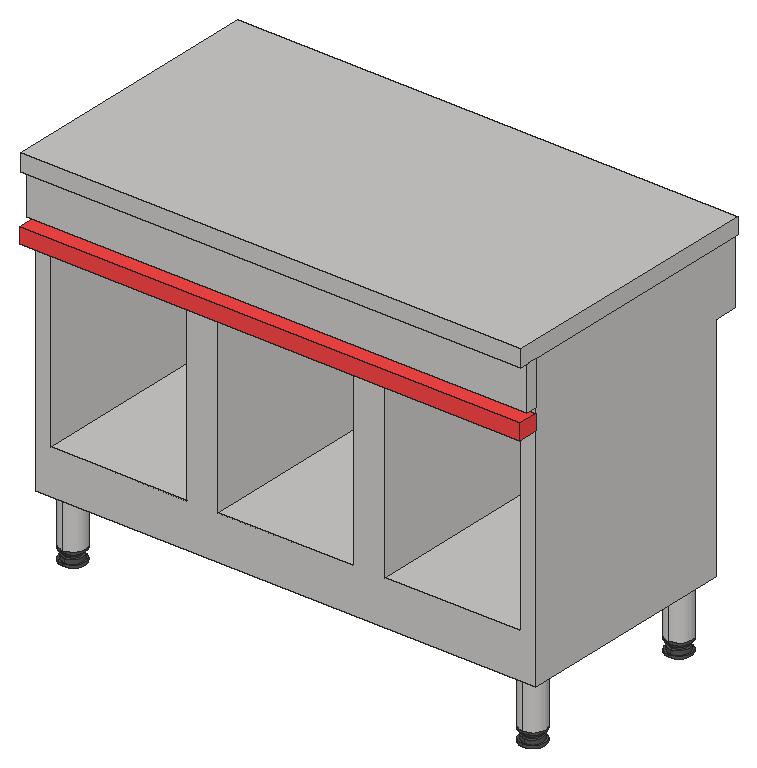
Revit family "ADB Storage cabinet CMA 1200 P", category Equipement spécialisé, Revit 2022
Family settings
  Cote de connecteur circulaire = Utiliser le diamètre
  Type d'élément = Normal
  Numéro OmniClass = 23.40.40.14.17.11
  Titre OmniClass = Cookers, Ovens, Stoves
  Basée sur le plan de construction = Non
  Toujours verticalement = Oui
  Couper avec des vides une fois chargée = Non
  Conserver l'orientation des annotations = Non
  Partagée = Non
  Repère de localisation dans la pièce = Non
Parameters (values of type "CMA 1200 P")
  URL Cutsheet = "https://www.ambassade-de-bourgogne.com/fr/produits/armoires/Resources/N28-CMA_1200_P.pdf"
  URL = "https://www.ambassade-de-bourgogne.com/fr/produits/armoires/Resources/N28-CMA_1200_P.pdf"
  Item Number = ""
  Specification by Manufacturer = ""
  Door hinges inversion option [instance] = no
  Depth [instance] = 652 mm + if([Wall-spacer DSA 1200], 50 mm, 0 mm) + if(Door option CPM 400, 53 mm, 0 mm)  # 652 mm
  Door option CPM 400 [instance] = no
  Weight [instance] = 97.00 kg + if([Wall-spacer DSA 1200], 1.00 kg, 0.00 kg) + if(Door option CPM 400, 15.00 kg, 0.00 kg)  # 97.00 kg
  Modèle = "CMA 1200 P"
  Length [instance] = 1200 mm  # constant formula
  Height [instance] = 900 mm + if([Wall-spacer DSA 1200], 100 mm, 0 mm)  # 900 mm
  Fabricant = "Société Industrielle de Lacanche"  # constant formula
  Elévation par défaut = 0 mm
  Shelves ECH 400 [instance] = no
  Wall-spacer DSA 1200 [instance] = no
  Dosseret [instance] = if([Wall-spacer DSA 1200], 50 mm, 0 mm)  # 0 mm
  Description = "Storage cabinet"
  Connectors [instance] = yes
  Commentaires du type = "Ambassade range - Cupboards - Storage cabinet"
Reference planes
  plane 1 "Centre (avant/arrière)": y = 0
  plane 2: z = 0
  plane 3 "Centre (gauche/droite)": x = 0
  plane 4 "gauche": x = -600
  plane 5 "droite": x = 600
  plane 6 "fond de meuble": y = 325
  plane 7 "avant": y = -325
  plane 8 "arrière": y = 325
  plane 9: z = 900
  plane 10: y = -327
Forms (mm)
  Extrusion 1, solid, detail levels coarse
    sketch origin (0, 0, 0) x (1, 0, 0) y (0, 1, 0)
      loop
        line (-600, 325.033) -> (-600, -327) -> (600, -327) -> (600, 325.033) -> (-600, 325.033)
    from 0 to 900 <- "Height"
Dimensions and locks
  equal spacing: plane 5 "droite", plane 3 "Centre (gauche/droite)", plane 4 "gauche"
  "Length": plane 5 "droite" to plane 4 "gauche"
  plane 6 "fond de meuble" to plane 7 "avant" = 650 mm
  locked: plane 7 "avant" to plane 1 "Centre (avant/arrière)" at 325
  "Dosseret": plane 8 "arrière" to plane 6 "fond de meuble"
  "Height": plane 9 to plane 2
  "Depth": plane 8 "arrière" to plane 10
  aligned and locked: level to plane 2
  aligned and locked: plane 3 "Centre (gauche/droite)" to nested 1
  aligned and locked: Extrusion 1 to plane 10
Automatic sketch dimensions
  Extrusion 1 sketch curve to plane 4 "gauche" = 0 mm
  Extrusion 1 sketch curve to plane 5 "droite" = 0 mm
  Extrusion 1 sketch curve to plane 7 "avant" = 2 mm
  plane 8 "arrière" to Extrusion 1 sketch curve = 0.033 mm
Nested families
  nested 1: "Soubassement armoire 1200" at (0, 0, 0), Dosseret <- "Wall-spacer DSA 1200", Porte <- "Door option CPM 400", Door hinges inversion option <- "Door hinges inversion option", Echelle <- "Shelves ECH 400", type "1 armoire", detail levels medium+fine
    with Depth 703 mm, Door hinges inversion option no, Porte no, Length 1200 mm, Height 900 mm, Encombrement Porte standard no, Encombrement Porte inversée no, Echelle no, Décalage poignée 233.5 mm, Dosseret no
Definition of nested family "Soubassement armoire 1200"
  Parameters (values of type "1 armoire")
    Profondeur produit = 650 mm
    Profondeur baie libre = if(Baie libre, Profondeur produit - 68 mm, 1 mm)  # 582 mm
    Door hinges inversion option [instance] = no
    Longueur poignée = 229 mm  # constant formula
    Encombrement Porte inversée [instance] = and(Porte, Door hinges inversion option)  # no
    Encombrement Porte standard [instance] = and(Porte, not(Door hinges inversion option))  # no
    Porte [instance] = no
    Depth [instance] = Profondeur produit + if(Dosseret, 50 mm, 0 mm) + 53 mm  # 703 mm
    Longueur produit = 1200 mm
    Length [instance] = Longueur produit  # 1200 mm
    Hauteur produit = 900 mm
    Height [instance] = Hauteur produit + if(Dosseret, 100 mm, 0 mm)  # 900 mm
    Default Elevation = 0 mm
    Echelle [instance] = no
    Décalage poignée [instance] = if(Door hinges inversion option, 396.5 mm, 233.5 mm)  # 233.5 mm
    Dosseret [instance] = no
    Baie libre = yes
  Reference planes
    plane 1 "Centre (avant/arrière)": y = 0
    plane 2: z = 0
    plane 3 "Centre (gauche/droite)": x = 0
    plane 4 "Gauche": x = -600
    plane 5 "Arrière": y = 325
    plane 6 "Droite": x = 600
    plane 7 "Avant": y = -325
    plane 8 "dessous meuble": z = 155
    plane 9 "Dessus de plan": z = 900
    plane 10 "Baguette coloré": z = 696
    plane 11 "dessous plan": z = 860
    plane 12 "Face": y = -280
    plane 13 "commande": z = 755
    plane 14 "dessus dosseret": z = 900
    plane 15: y = -377.967
    plane 16: y = 325.033
    plane 17 "Baguette colorë": y = -780
    plane 18: x = -366.5
    plane 19: x = -203.5
  Forms (mm)
    Extrusion 1, solid, visible <- "Porte", detail levels medium+fine
      sketch origin (-600, 0, 0) x (0, 1, 0) y (0, 0, 1)
        loop
          line (-325, 155) -> (-280, 155) -> (-280, 696) -> (-325, 696) -> (-325, 155)
      from 0 to 1200 <- "Length"
    Extrusion 2, solid, detail levels medium+fine
      sketch origin (-600, 0, 0) x (0, 1, 0) y (0, 0, 1)
        loop
          line (-280, 742.5) -> (-327, 742.5) -> (-327, 705) -> (-280, 705) -> (-280, 742.5)
      from 0 to 1200 <- "Length"
    Extrusion 3, solid, detail levels medium+fine
      sketch origin (-600, 0, 0) x (0, 1, 0) y (0, 0, 1)
        loop
          line (325, 900) -> (-325, 900) -> (-325, 860) -> (325, 860) -> (325, 900)
      from 0 to 1200 <- "Length"
    Extrusion 4, void
      sketch origin (0, -325, 0) x (-1, 0, 0) y (0, 0, 1)
        loop
          line (563.5, 679) -> (236.5, 679) -> (236.5, 261.5) -> (563.5, 261.5) -> (563.5, 679)
        loop
          line (-563.5, 261.5) -> (-236.5, 261.5) -> (-236.5, 679) -> (-563.5, 679) -> (-563.5, 261.5)
        loop
          line (-163.5, 261.5) -> (163.5, 261.5) -> (163.5, 679) -> (-163.5, 679) -> (-163.5, 261.5)
      from 0 to 582 <- "Profondeur baie libre"
    Extrusion 5, solid, detail levels medium+fine
      sketch origin (-600, 0, 0) x (0, 1, 0) y (0, 0, 1)
        loop
          line (-280, 860) -> (-306, 860) -> (-306, 755) -> (-280, 755) -> (-280, 860)
      from 0 to 1200 <- "Length"
    Extrusion 6, solid, detail levels medium+fine
      sketch origin (-600, 0, 0) x (0, 1, 0) y (0, 0, 1)
        loop
          line (315, 860) -> (-280, 860) -> (-280, 155) -> (260, 155) -> (260, 707) -> (315, 707) -> (315, 860)
      from 0 to 1200 <- "Length"
    Revolve 7, solid, detail levels medium+fine
      sketch origin (551.965, 0, 0) x (0, 1, 0) y (0, 0, -1)
        loop
          line (-258.968, -155) -> (-229, -155) -> (-229, 0) -> (-258.492, 0) -> (-258.492, -5) -> (-253.001, -5) -> (-253.001, -13.586) -> (-248.857, -16.488) -> (-248.857, -22) -> (-252.82, -22) -> (-258.968, -28.148) -> (-258.968, -34) -> (-258.968, -155)
        axis (-229, 0) -> (-229, -155)
      angle from 0 to 360
    Revolve 8, solid, detail levels medium+fine
      sketch origin (-551.965, 0, 0) x (0, 1, 0) y (0, 0, 1)
        loop
          line (-258.968, 155) -> (-258.968, 34) -> (-258.968, 28.148) -> (-252.82, 22) -> (-248.857, 22) -> (-248.857, 16.488) -> (-253.001, 13.586) -> (-253.001, 5) -> (-258.492, 5) -> (-258.492, 0) -> (-229, 0) -> (-229, 155) -> (-258.968, 155)
        axis (-229, 0) -> (-229, 155)
      angle from 0 to 360
    Revolve 9, solid, detail levels medium+fine
      sketch origin (-551.965, -20, 0) x (0, -1, 0) y (0, 0, -1)
        loop
          line (-258.968, -155) -> (-229, -155) -> (-229, 0) -> (-258.492, 0) -> (-258.492, -5) -> (-253.001, -5) -> (-253.001, -13.586) -> (-248.857, -16.488) -> (-248.857, -22) -> (-252.82, -22) -> (-258.968, -28.148) -> (-258.968, -34) -> (-258.968, -155)
        axis (-229, 0) -> (-229, -155)
      angle from 0 to 360
    Extrusion 10, solid, visible <- "Dosseret", detail levels medium+fine
      sketch origin (-600, 0, 0) x (0, 1, 0) y (0, 0, 1)
        loop
          line (375.033, 1000) -> (325, 1000) -> (325, 860) -> (375.033, 860) -> (375.033, 1000)
      from 0 to 1200 <- "Length"
    Revolve 11, solid, detail levels medium+fine
      sketch origin (551.965, -20, 0) x (0, -1, 0) y (0, 0, 1)
        loop
          line (-258.968, 155) -> (-258.968, 34) -> (-258.968, 28.148) -> (-252.82, 22) -> (-248.857, 22) -> (-248.857, 16.488) -> (-253.001, 13.586) -> (-253.001, 5) -> (-258.492, 5) -> (-258.492, 0) -> (-229, 0) -> (-229, 155) -> (-258.968, 155)
        axis (-229, 0) -> (-229, 155)
      angle from 0 to 360
    Extrusion 12, void
      sketch origin (0, 0, 900) x (0, -1, 0) y (1, 0, 0)
        loop
          line (-307.033, -566.567) -> (-293.033, -566.567) -> (-293.033, 566.464) -> (-307.033, 566.464) -> (-307.033, -566.567)
      from 0 to -0.8
    Extrusion 13, solid, detail levels medium+fine
      sketch origin (-600, 260, 155) x (0, 0, 1) y (1, 0, 0)
        loop
          line (65, 1054) -> (65, 146) -> (552, 146) -> (552, 1054) -> (65, 1054)
      from 0 to 35
    Extrusion 14, solid, visible <- "Echelle"
      sketch origin (2.5, 0, 0) x (1, 0, 0) y (0, 0, 1)
        loop
          line (-566, 648.8) -> (-566, 623.8) -> (-556.5, 623.8) -> (-556.5, 625) -> (-564.8, 625) -> (-564.8, 647.6) -> (-548, 647.6) -> (-548, 648.8) -> (-566, 648.8)
        loop
          line (-566, 548.8) -> (-566, 523.8) -> (-556.5, 523.8) -> (-556.5, 525) -> (-564.8, 525) -> (-564.8, 547.6) -> (-548, 547.6) -> (-548, 548.8) -> (-566, 548.8)
        loop
          line (-566, 448.8) -> (-566, 423.8) -> (-556.5, 423.8) -> (-556.5, 425) -> (-564.8, 425) -> (-564.8, 447.6) -> (-548, 447.6) -> (-548, 448.8) -> (-566, 448.8)
        loop
          line (-566, 348.8) -> (-566, 323.8) -> (-556.5, 323.8) -> (-556.5, 325) -> (-564.8, 325) -> (-564.8, 347.6) -> (-548, 347.6) -> (-548, 348.8) -> (-566, 348.8)
        loop
          line (-239, 648.8) -> (-257, 648.8) -> (-257, 647.6) -> (-240.2, 647.6) -> (-240.2, 625) -> (-248.5, 625) -> (-248.5, 623.8) -> (-239, 623.8) -> (-239, 648.8)
        loop
          line (-239, 548.8) -> (-257, 548.8) -> (-257, 547.6) -> (-240.2, 547.6) -> (-240.2, 525) -> (-248.5, 525) -> (-248.5, 523.8) -> (-239, 523.8) -> (-239, 548.8)
        loop
          line (-239, 448.8) -> (-257, 448.8) -> (-257, 447.6) -> (-240.2, 447.6) -> (-240.2, 425) -> (-248.5, 425) -> (-248.5, 423.8) -> (-239, 423.8) -> (-239, 448.8)
        loop
          line (-239, 348.8) -> (-257, 348.8) -> (-257, 347.6) -> (-240.2, 347.6) -> (-240.2, 325) -> (-248.5, 325) -> (-248.5, 323.8) -> (-239, 323.8) -> (-239, 348.8)
      from -113.466 to 206.5
    Extrusion 15, solid, visible <- "Echelle"
      sketch origin (-2.5, 0, 0) x (-1, 0, 0) y (0, 0, -1)
        loop
          line (-566, -648.8) -> (-548, -648.8) -> (-548, -647.6) -> (-564.8, -647.6) -> (-564.8, -625) -> (-556.5, -625) -> (-556.5, -623.8) -> (-566, -623.8) -> (-566, -648.8)
        loop
          line (-566, -548.8) -> (-548, -548.8) -> (-548, -547.6) -> (-564.8, -547.6) -> (-564.8, -525) -> (-556.5, -525) -> (-556.5, -523.8) -> (-566, -523.8) -> (-566, -548.8)
        loop
          line (-566, -448.8) -> (-548, -448.8) -> (-548, -447.6) -> (-564.8, -447.6) -> (-564.8, -425) -> (-556.5, -425) -> (-556.5, -423.8) -> (-566, -423.8) -> (-566, -448.8)
        loop
          line (-566, -348.8) -> (-548, -348.8) -> (-548, -347.6) -> (-564.8, -347.6) -> (-564.8, -325) -> (-556.5, -325) -> (-556.5, -323.8) -> (-566, -323.8) -> (-566, -348.8)
        loop
          line (-239, -648.8) -> (-239, -623.8) -> (-248.5, -623.8) -> (-248.5, -625) -> (-240.2, -625) -> (-240.2, -647.6) -> (-257, -647.6) -> (-257, -648.8) -> (-239, -648.8)
        loop
          line (-239, -548.8) -> (-239, -523.8) -> (-248.5, -523.8) -> (-248.5, -525) -> (-240.2, -525) -> (-240.2, -547.6) -> (-257, -547.6) -> (-257, -548.8) -> (-239, -548.8)
        loop
          line (-239, -448.8) -> (-239, -423.8) -> (-248.5, -423.8) -> (-248.5, -425) -> (-240.2, -425) -> (-240.2, -447.6) -> (-257, -447.6) -> (-257, -448.8) -> (-239, -448.8)
        loop
          line (-239, -348.8) -> (-239, -323.8) -> (-248.5, -323.8) -> (-248.5, -325) -> (-240.2, -325) -> (-240.2, -347.6) -> (-257, -347.6) -> (-257, -348.8) -> (-239, -348.8)
      from -113.466 to 206.5
    Extrusion 16, solid, visible <- "Echelle"
      sketch origin (-402.5, 0, 0) x (-1, 0, 0) y (0, 0, -1)
        loop
          line (-566, -648.8) -> (-548, -648.8) -> (-548, -647.6) -> (-564.8, -647.6) -> (-564.8, -625) -> (-556.5, -625) -> (-556.5, -623.8) -> (-566, -623.8) -> (-566, -648.8)
        loop
          line (-566, -548.8) -> (-548, -548.8) -> (-548, -547.6) -> (-564.8, -547.6) -> (-564.8, -525) -> (-556.5, -525) -> (-556.5, -523.8) -> (-566, -523.8) -> (-566, -548.8)
        loop
          line (-566, -448.8) -> (-548, -448.8) -> (-548, -447.6) -> (-564.8, -447.6) -> (-564.8, -425) -> (-556.5, -425) -> (-556.5, -423.8) -> (-566, -423.8) -> (-566, -448.8)
        loop
          line (-566, -348.8) -> (-548, -348.8) -> (-548, -347.6) -> (-564.8, -347.6) -> (-564.8, -325) -> (-556.5, -325) -> (-556.5, -323.8) -> (-566, -323.8) -> (-566, -348.8)
        loop
          line (-239, -648.8) -> (-239, -623.8) -> (-248.5, -623.8) -> (-248.5, -625) -> (-240.2, -625) -> (-240.2, -647.6) -> (-257, -647.6) -> (-257, -648.8) -> (-239, -648.8)
        loop
          line (-239, -548.8) -> (-239, -523.8) -> (-248.5, -523.8) -> (-248.5, -525) -> (-240.2, -525) -> (-240.2, -547.6) -> (-257, -547.6) -> (-257, -548.8) -> (-239, -548.8)
        loop
          line (-239, -448.8) -> (-239, -423.8) -> (-248.5, -423.8) -> (-248.5, -425) -> (-240.2, -425) -> (-240.2, -447.6) -> (-257, -447.6) -> (-257, -448.8) -> (-239, -448.8)
        loop
          line (-239, -348.8) -> (-239, -323.8) -> (-248.5, -323.8) -> (-248.5, -325) -> (-240.2, -325) -> (-240.2, -347.6) -> (-257, -347.6) -> (-257, -348.8) -> (-239, -348.8)
      from -113.466 to 206.5
  Cuts and joins
    Extrusion 4 cuts Extrusion 6
    Extrusion 12 cuts Extrusion 10
  Lines and regions (mm)
    symbolic lines, visible <- "Encombrement Porte standard"
      curve 1: line (600, -280, 155) -> (600, -680, 155)
      curve 4: arc (200, -280, 155) -> (317.157, -562.843, 155) -> (600, -680, 155) r 400
      curve 11: line (200, -280, 155) -> (200, -680, 155)
      curve 12: arc (-200, -280, 155) -> (-82.843, -562.843, 155) -> (200, -680, 155) r 400
      curve 13: line (-200, -280, 155) -> (-200, -680, 155)
      curve 14: arc (-600, -280, 155) -> (-482.843, -562.843, 155) -> (-200, -680, 155) r 400
    symbolic lines, visible <- "Encombrement Porte inversée"
      curve 2: line (-600, -280, 155) -> (-600, -680, 155)
      curve 3: arc (-200, -280, 155) -> (-317.157, -562.843, 155) -> (-600, -680, 155) r 400
      curve 7: line (-200, -280, 155) -> (-200, -680, 155)
      curve 8: arc (200, -280, 155) -> (82.843, -562.843, 155) -> (-200, -680, 155) r 400
      curve 9: line (200, -280, 155) -> (200, -680, 155)
      curve 10: arc (600, -280, 155) -> (482.843, -562.843, 155) -> (200, -680, 155) r 400
    model lines, visible <- "Porte", detail levels medium+fine
      curve 5: line (-199, -325, 696) -> (-199, -325, 155)
      curve 6: line (201, -325, 696) -> (201, -325, 155)
  Dimensions and locks
    equal spacing: plane 7 "Avant", plane 1 "Centre (avant/arrière)", plane 5 "Arrière"
    "Profondeur produit": plane 5 "Arrière" to plane 7 "Avant"
    equal spacing: plane 4 "Gauche", plane 3 "Centre (gauche/droite)", plane 6 "Droite"
    "Longueur produit": plane 4 "Gauche" to plane 6 "Droite"
    "Hauteur produit": plane 9 "Dessus de plan" to plane 2
    locked: plane 8 "dessous meuble" to plane 2 at 155
    locked: plane 9 "Dessus de plan" to plane 11 "dessous plan" at 40
    locked: plane 7 "Avant" to plane 12 "Face" at 45
    locked: plane 13 "commande" to plane 10 "Baguette coloré" at 59
    locked: plane 11 "dessous plan" to plane 13 "commande" at 105
    Extrusion 4 sketch curve to plane 8 "dessous meuble" = 106.5 mm
    Extrusion 4 sketch curve to plane 6 "Droite" = 36.5 mm
    Extrusion 4 sketch curve to plane 4 "Gauche" = 36.5 mm
    plane 10 "Baguette coloré" to Extrusion 4 sketch curve = 17 mm
    "Height": plane 14 "dessus dosseret" to plane 2
    locked: plane 7 "Avant" to plane 15 at 52.967
    "Depth": plane 15 to plane 16
    equal spacing: Extrusion 13 sketch curve, plane 3 "Centre (gauche/droite)", Extrusion 13 sketch curve
    "Décalage poignée": plane 18 to plane 4 "Gauche"
    locked: plane 4 "Gauche" to Revolve 9 at 18.067
    locked: Revolve 11 to plane 6 "Droite" at 18.067
    locked: Revolve 7 to plane 6 "Droite" at 18.067
    locked: plane 4 "Gauche" to Revolve 8 at 18.067
    locked: Revolve 8 to plane 12 "Face" at 21.032
    locked: Revolve 7 to plane 12 "Face" at 21.032
    locked: plane 5 "Arrière" to Extrusion 10 sketch curve at 50.033
    plane 16 to Extrusion 12 sketch curve to Extrusion 12 sketch curve = 18 mm locked, 14 mm locked
    Extrusion 4 sketch curve to Extrusion 4 sketch curve = 73 mm  (x2)
    locked: nested 2 to plane 18 at 176
    locked: nested 3 to plane 18 at 576
    locked: Extrusion 14 sketch curve to Extrusion 14 sketch curve at 327  (x2)
    aligned and locked: level to plane 2
    aligned and locked: plane 18 to nested 1
  Automatic sketch dimensions
    Extrusion 1 sketch curve to plane 7 "Avant" = 0 mm
    Extrusion 1 sketch curve to plane 10 "Baguette coloré" = 0 mm
    Extrusion 1 sketch curve to plane 12 "Face" = 0 mm
    Extrusion 1 sketch curve to plane 8 "dessous meuble" = 0 mm
    Extrusion 2 sketch curve to plane 12 "Face" = 0 mm
    Extrusion 2 sketch curve to plane 7 "Avant" = 2 mm
    plane 10 "Baguette coloré" to Extrusion 2 sketch curve = 9 mm
    Extrusion 2 sketch curve to plane 13 "commande" = 12.5 mm
    Extrusion 3 sketch curve to plane 7 "Avant" = 0 mm
    Extrusion 3 sketch curve to plane 5 "Arrière" = 0 mm
    Extrusion 3 sketch curve to plane 11 "dessous plan" = 0 mm
    Extrusion 3 sketch curve to plane 9 "Dessus de plan" = 0 mm
    plane 3 "Centre (gauche/droite)" to Extrusion 4 sketch curve = 236.5 mm
    Extrusion 4 sketch curve to plane 3 "Centre (gauche/droite)" = 163.5 mm
    plane 8 "dessous meuble" to Extrusion 4 sketch curve = 106.5 mm
    Extrusion 4 sketch curve to Extrusion 4 sketch curve = 0 mm
    Extrusion 4 sketch curve to plane 10 "Baguette coloré" = 17 mm  (x2)
    Extrusion 5 sketch curve to plane 11 "dessous plan" = 0 mm
    Extrusion 5 sketch curve to plane 13 "commande" = 0 mm
    Extrusion 5 sketch curve to plane 12 "Face" = 0 mm
    plane 7 "Avant" to Extrusion 5 sketch curve = 19 mm
    Extrusion 6 sketch curve to plane 11 "dessous plan" = 0 mm
    Extrusion 6 sketch curve to plane 12 "Face" = 0 mm
    Extrusion 6 sketch curve to plane 8 "dessous meuble" = 0 mm
    Extrusion 6 sketch curve to plane 5 "Arrière" = 65 mm
    Extrusion 6 sketch curve to plane 5 "Arrière" = 10 mm
    plane 10 "Baguette coloré" to Extrusion 6 sketch curve = 11 mm
    Revolve 7 sketch curve to plane 8 "dessous meuble" = 0 mm
    Revolve 7 sketch curve to level = 0 mm
    plane 12 "Face" to Revolve 7 sketch curve = 21.032 mm
    plane 12 "Face" to Revolve 7 sketch curve = 21.508 mm
    Revolve 7 sketch curve to Revolve 7 sketch curve = 5.491 mm
    Revolve 7 sketch curve to Revolve 7 sketch curve = 0.181 mm
    Revolve 7 sketch curve to Revolve 7 sketch curve = 3.964 mm
    Revolve 7 sketch curve to Revolve 7 sketch curve = 24.001 mm
    level to Revolve 7 sketch curve = 34 mm
    Revolve 7 sketch curve to Revolve 7 sketch curve = 5.852 mm
    Revolve 7 sketch curve to Revolve 7 sketch curve = 6.148 mm
    Revolve 7 sketch curve to Revolve 7 sketch curve = 5.512 mm
    Revolve 7 sketch curve to Revolve 7 sketch curve = 2.902 mm
    level to Revolve 7 sketch curve = 5 mm
    Revolve 7 sketch curve to Revolve 7 sketch curve = 0 mm
    plane 8 "dessous meuble" to Revolve 7 sketch curve = 19 mm
    Revolve 7 sketch curve to Revolve 7 sketch curve = 12 mm
    Revolve 8 sketch curve to plane 8 "dessous meuble" = 0 mm
    Revolve 8 sketch curve to level = 0 mm
    plane 12 "Face" to Revolve 8 sketch curve = 21.032 mm
    plane 12 "Face" to Revolve 8 sketch curve = 21.508 mm
    Revolve 8 sketch curve to Revolve 8 sketch curve = 5.491 mm
    Revolve 8 sketch curve to Revolve 8 sketch curve = 0.181 mm
    Revolve 8 sketch curve to Revolve 8 sketch curve = 3.964 mm
    Revolve 8 sketch curve to Revolve 8 sketch curve = 24.001 mm
    level to Revolve 8 sketch curve = 5 mm
    Revolve 8 sketch curve to Revolve 8 sketch curve = 8.586 mm
    Revolve 8 sketch curve to Revolve 8 sketch curve = 2.902 mm
    Revolve 8 sketch curve to Revolve 8 sketch curve = 5.512 mm
    Revolve 8 sketch curve to Revolve 8 sketch curve = 6.148 mm
    Revolve 8 sketch curve to Revolve 8 sketch curve = 5.852 mm
    Revolve 8 sketch curve to Revolve 8 sketch curve = 0 mm
    Revolve 8 sketch curve to Revolve 8 sketch curve = 12 mm
    plane 8 "dessous meuble" to Revolve 8 sketch curve = 19 mm
    Revolve 9 sketch curve to plane 8 "dessous meuble" = 0 mm
    Revolve 9 sketch curve to level = 0 mm
    level to Revolve 9 sketch curve = 28.148 mm
    Revolve 9 sketch curve to plane 5 "Arrière" = 86.032 mm
    Revolve 9 sketch curve to Revolve 9 sketch curve = 0.477 mm
    level to Revolve 9 sketch curve = 13.586 mm
    Revolve 9 sketch curve to Revolve 9 sketch curve = 5.491 mm
    Revolve 9 sketch curve to Revolve 9 sketch curve = 0.181 mm
    Revolve 9 sketch curve to Revolve 9 sketch curve = 3.964 mm
    Revolve 9 sketch curve to Revolve 9 sketch curve = 24.001 mm
    Revolve 9 sketch curve to Revolve 9 sketch curve = 5.852 mm
    Revolve 9 sketch curve to Revolve 9 sketch curve = 8.414 mm
    Revolve 9 sketch curve to Revolve 9 sketch curve = 2.902 mm
    level to Revolve 9 sketch curve = 5 mm
    Revolve 9 sketch curve to Revolve 9 sketch curve = 0 mm
    plane 8 "dessous meuble" to Revolve 9 sketch curve = 19 mm
    Revolve 9 sketch curve to Revolve 9 sketch curve = 12 mm
    Extrusion 10 sketch curve to plane 5 "Arrière" = 0 mm
    Extrusion 10 sketch curve to plane 11 "dessous plan" = 0 mm
    plane 9 "Dessus de plan" to Extrusion 10 sketch curve = 100 mm
    Revolve 11 sketch curve to plane 8 "dessous meuble" = 0 mm
    Revolve 11 sketch curve to level = 0 mm
    level to Revolve 11 sketch curve = 28.148 mm
    Revolve 11 sketch curve to plane 5 "Arrière" = 86.032 mm
    Revolve 11 sketch curve to Revolve 11 sketch curve = 0.477 mm
    level to Revolve 11 sketch curve = 13.586 mm
    Revolve 11 sketch curve to Revolve 11 sketch curve = 5.491 mm
    Revolve 11 sketch curve to Revolve 11 sketch curve = 0.181 mm
    Revolve 11 sketch curve to Revolve 11 sketch curve = 3.964 mm
    Revolve 11 sketch curve to Revolve 11 sketch curve = 24.001 mm
    level to Revolve 11 sketch curve = 5 mm
    Revolve 11 sketch curve to Revolve 11 sketch curve = 2.902 mm
    Revolve 11 sketch curve to Revolve 11 sketch curve = 5.512 mm
    Revolve 11 sketch curve to Revolve 11 sketch curve = 5.852 mm
    Revolve 11 sketch curve to Revolve 11 sketch curve = 0 mm
    Revolve 11 sketch curve to Revolve 11 sketch curve = 12 mm
    plane 8 "dessous meuble" to Revolve 11 sketch curve = 19 mm
    plane 4 "Gauche" to Extrusion 12 sketch curve = 33.433 mm
    plane 6 "Droite" to Extrusion 12 sketch curve = 33.536 mm
    Extrusion 13 sketch curve to Extrusion 6 = 0 mm
    Extrusion 6 to Extrusion 13 sketch curve = 65 mm
    Extrusion 6 to Extrusion 13 sketch curve = 146 mm
    plane 4 "Gauche" to Extrusion 14 sketch curve = 36.5 mm  (x4)
    Extrusion 14 sketch curve to Extrusion 14 sketch curve = 1.2 mm  (x24)
    Extrusion 14 sketch curve to Extrusion 14 sketch curve = 8.3 mm  (x7)
    Extrusion 14 sketch curve to Extrusion 14 sketch curve = 16.8 mm  (x5)
    Extrusion 14 sketch curve to plane 10 "Baguette coloré" = 47.2 mm
    Extrusion 14 sketch curve to Extrusion 14 sketch curve = 0 mm  (x2)
    Extrusion 14 sketch curve to Extrusion 14 sketch curve = 8.5 mm  (x4)
    Extrusion 14 sketch curve to plane 10 "Baguette coloré" = 48.4 mm
    Extrusion 14 sketch curve to Extrusion 14 sketch curve = 22.6 mm  (x8)
    Extrusion 14 sketch curve to Extrusion 14 sketch curve = 75 mm  (x6)
    plane 6 "Droite" to Extrusion 15 sketch curve = 36.5 mm  (x4)
    Extrusion 15 sketch curve to Extrusion 15 sketch curve = 1.2 mm  (x24)
    Extrusion 15 sketch curve to Extrusion 15 sketch curve = 8.3 mm  (x7)
    Extrusion 15 sketch curve to Extrusion 15 sketch curve = 16.8 mm  (x5)
    plane 3 "Centre (gauche/droite)" to Extrusion 15 sketch curve = 254.5 mm  (x2)
    Extrusion 15 sketch curve to plane 10 "Baguette coloré" = 47.2 mm  (x2)
    Extrusion 15 sketch curve to Extrusion 15 sketch curve = 0 mm  (x2)
    Extrusion 15 sketch curve to Extrusion 15 sketch curve = 8.5 mm  (x4)
    Extrusion 15 sketch curve to Extrusion 15 sketch curve = 22.6 mm  (x8)
    Extrusion 15 sketch curve to Extrusion 15 sketch curve = 75 mm  (x6)
    Extrusion 16 sketch curve to plane 10 "Baguette coloré" = 47.2 mm  (x2)
    plane 3 "Centre (gauche/droite)" to Extrusion 16 sketch curve = 163.5 mm  (x2)
    Extrusion 16 sketch curve to Extrusion 16 sketch curve = 0 mm  (x4)
    Extrusion 16 sketch curve to Extrusion 16 sketch curve = 1.2 mm  (x24)
    Extrusion 16 sketch curve to Extrusion 16 sketch curve = 8.3 mm  (x7)
    Extrusion 16 sketch curve to Extrusion 16 sketch curve = 16.8 mm  (x5)
    Extrusion 16 sketch curve to plane 3 "Centre (gauche/droite)" = 145.5 mm  (x2)
    Extrusion 16 sketch curve to Extrusion 16 sketch curve = 8.5 mm  (x4)
    Extrusion 16 sketch curve to Extrusion 16 sketch curve = 22.6 mm  (x8)
    Extrusion 16 sketch curve to Extrusion 16 sketch curve = 75 mm  (x6)
    curve 6 to Extrusion 1 = 0 mm  (x2)
    curve 5 to Extrusion 1 = 0 mm  (x2)
    Extrusion 1 to curve 5 = 401 mm
    Extrusion 1 to curve 6 = 399 mm
    curve 8 to curve 14 = 0 mm  (x2)
    curve 10 to curve 12 = 0 mm  (x2)
    curve 1 to plane 6 "Droite" = 0 mm
    curve 10 to plane 6 "Droite" = 0 mm
    curve 12 to plane 12 "Face" = 0 mm
    curve 4 to plane 12 "Face" = 0 mm
    curve 11 to plane 12 "Face" = 0 mm
    curve 8 to plane 12 "Face" = 0 mm
    curve 9 to plane 12 "Face" = 0 mm
    curve 7 to plane 12 "Face" = 0 mm
    curve 3 to plane 12 "Face" = 0 mm
    curve 13 to plane 12 "Face" = 0 mm
    curve 3 to plane 4 "Gauche" = 0 mm
    curve 14 to plane 4 "Gauche" = 0 mm
    curve 1 to plane 12 "Face" = 0 mm
    curve 2 to plane 12 "Face" = 0 mm
    plane 3 "Centre (gauche/droite)" to curve 12 = 200 mm
    curve 8 to curve 12 = 0 mm
    plane 17 "Baguette colorë" to curve 2 = 100 mm
    plane 17 "Baguette colorë" to curve 1 = 100 mm
  Nested families
    nested 1: "Poignée" at (-481, -325, 681.933) x (1, 0, 0) z (0, -1, 0), visible <- "Porte", Longueur <- "Longueur poignée", type "Poignée", detail levels fine
      with Longueur 229 mm
    nested 2: "Poignée" at (-81, -325, 681.933) x (1, 0, 0) z (0, -1, 0), visible <- "Porte", Longueur <- "Longueur poignée", type "Poignée", detail levels fine
      with Longueur 229 mm
    nested 3: "Poignée" at (319, -325, 681.933) x (1, 0, 0) z (0, -1, 0), visible <- "Porte", Longueur <- "Longueur poignée", type "Poignée", detail levels fine
      with Longueur 229 mm
  Definition of nested family "Poignée"
    Parameters (values of type "Poignée")
      Longueur [instance] = 800 mm
      Default Elevation = 1219.2 mm
    Reference planes
      plane 1 "Centre (avant/arrière)": y = 0
      plane 2: z = 0
      plane 3 "Centre (gauche/droite)": x = 0
      plane 4: x = -400
      plane 5: x = 400
      plane 6: x = -395
      plane 7: x = 395
    Forms (mm)
      Extrusion 1, solid
        sketch origin (0, 0, 0) x (1, 0, 0) y (0, 1, 0)
          loop
            line (-1219.2, 1219.2) -> (-1219.2, -1219.2) -> (1219.2, -1219.2) -> (1219.2, 1219.2) -> (-1219.2, 1219.2)
        from 0 to -304.8
      Extrusion 2, solid
        sketch origin (0, 0, 0) x (0, 1, 0) y (0, 0, 1)
          loop
            circle (0, 38.995) r 13.972
        from -395 to 395
      Extrusion 3, solid
        sketch origin (0, 0, 0) x (1, 0, 0) y (0, 1, 0)
          loop
            circle (-363.542, 0) r 8.5
          loop
            circle (363.453, 0) r 8.5
        from 0 to 37.089
    Cuts and joins
      joined: Extrusion 2, Extrusion 3
    Dimensions and locks
      equal spacing: plane 4, plane 3 "Centre (gauche/droite)", plane 5
      "Longueur": plane 4 to plane 5
      locked: plane 4 to plane 6 at 5
      locked: plane 7 to plane 5 at 5
      locked: plane 6 to Extrusion 3 sketch curve at 31.458
      locked: Extrusion 3 sketch curve to plane 7 at 31.547
      aligned and locked: plane 2 to Extrusion 1
      aligned and locked: level to Extrusion 1
      aligned and locked: plane 6 to Extrusion 2
      aligned and locked: Extrusion 2 to plane 7
      aligned and locked: plane 1 "Centre (avant/arrière)" to Extrusion 3 sketch curve
    Automatic sketch dimensions
      Extrusion 1 sketch curve to Extrusion 1 sketch curve = 2438.4 mm  (x2)
      Extrusion 2 sketch curve to plane 1 "Centre (avant/arrière)" = 0 mm
      level to Extrusion 2 sketch curve = 38.995 mm
      plane 1 "Centre (avant/arrière)" to Extrusion 3 sketch curve = 0 mm
      radius of Extrusion 2 sketch curve = 13.972 mm
      radius of Extrusion 3 sketch curve = 8.5 mm  (x2)
